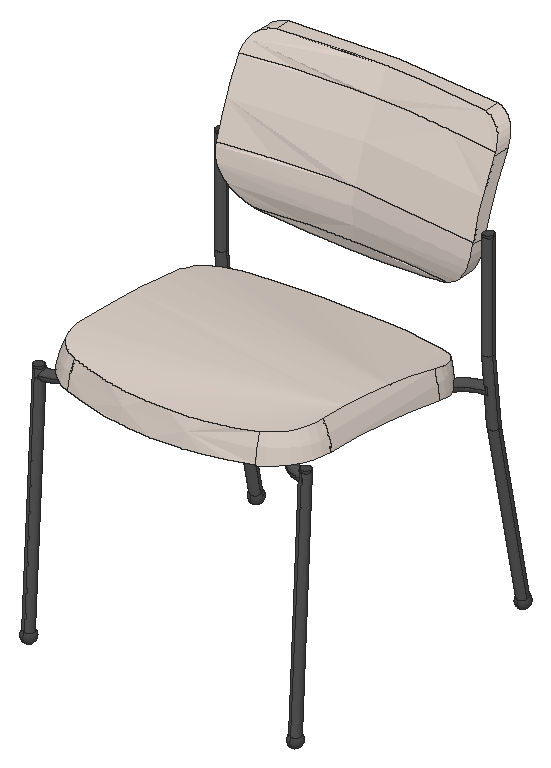
Revit family "Seating_Inc-EDU2_Guest", category Furniture, Revit 2014
Parameters (values of type "Q-3ES43-A")
  Width = 20 1/2"
  URL = "www.seatinginc.com"
  Type Comments = "Quick Configuration"  # constant formula
  Seat Finish = STI - Leather
  Salvage or Reuse = yes
  Plastic Finish = STI - Plastic Black
  Percentage of Recycled Content = 0
  Model = "Q-3ES43-A"
  Manufacturer = "Seating Inc"  # constant formula
  Low Emitting Material = yes
  Low Emitting Finish = yes
  Leg Finish = STI - Power Coat - Black
  Keynote = "12500"
  Height = 32"
  Glide Finish = STI - Plastic Black
  Description = "EDU2 Guest Guest Armless 20.5W x 24.5D x 32H"
  Depth = 24 1/2"
  Back Finish = STI - Leather
  Assembly Code = "E2020200"
  Arm V = no
  Arm Finish = STI - Plastic Black
Types (3): name | Width | Model | Height | Description | Depth | Arm V
  (no name) | 20 1/2" | "Q-3ES43-A" | 32" | "EDU2 Guest Guest Armless 20.5W x 24.5D x 32H" | 24 1/2" | no
  Q-3ES43-A | 20 1/2" | "Q-3ES43-A" | 32" | "EDU2 Guest Guest Armless 20.5W x 24.5D x 32H" | 24 1/2" | no
  Q-3ES44-B | 24 1/2" | "Q-3ES44-B" | 31 1/2" | "EDU2 Guest Guest with Arms  24.5W x 24.75D x 31.5H" | 23 3/4" | yes
Reference planes (in)
  plane 1 "Center Front/Back": y = 0
  plane 2: z = 0
  plane 3 "Center Left/Right": x = 0
Forms (in)
  Blend 1, solid, material "STI - Power Coat - Black" <- "Leg Finish"
    base sketch origin (-2.77027, -2.99565, 0.875) x (0, -1, 0) y (1, 0, 0)
      loop
        circle (4.82088, -6.97033) r 0.375
    top sketch origin (-2.77027, -2.99565, 0) x (0, -1, 0) y (1, 0, 0)
      loop
        circle (3.87848, -6.97033) r 0.375
    from -0.08475 to 17.6698
  Revolve 2, solid, material "STI - Plastic Black" <- "Glide Finish"
    sketch origin (-9.7406, 0, 0) x (0, 1, 0) y (0, 0, 1)
      loop
        line (-7.81653, 1) -> (-7.81653, 0)
        arc (-7.81653, 0) -> (-7.31653, 0.5) -> (-7.81653, 1) r 0.5
      axis (-7.81653, 1) -> (-7.81653, 0)
    angle from 0 to 360
  Blend 3, solid, material "STI - Power Coat - Black" <- "Leg Finish"
    base sketch origin (2.77027, -2.99565, 0.875) x (0, -1, 0) y (1, 0, 0)
      loop
        circle (4.82088, 6.97033) r 0.375
    top sketch origin (2.77027, -2.99565, 0) x (0, -1, 0) y (1, 0, 0)
      loop
        circle (3.87848, 6.97033) r 0.375
    from -0.08475 to 17.6698
  Revolve 4, solid, material "STI - Plastic Black" <- "Glide Finish"
    sketch origin (9.7406, 0, 0) x (0, 1, 0) y (0, 0, -1)
      loop
        arc (-7.81653, -1) -> (-7.31653, -0.5) -> (-7.81653, 0) r 0.5
        line (-7.81653, 0) -> (-7.81653, -1)
      axis (-7.81653, -1) -> (-7.81653, 0)
    angle from 0 to 360
  Sweep 5, solid, material "STI - Power Coat - Black" <- "Leg Finish"
    path origin (-9.741, -5.15274, -5.3246) x (0, 1, 0) y (0, 0, 1)
      loop
        line (14.92089, 31.06444) -> (14.92089, 23.37993)
        arc (14.92089, 23.37993) -> (15.05273, 20.85471) -> (15.44681, 18.35695) r 24.25
        line (15.44681, 18.35695) -> (18.10825, 5.78669)
    profile origin (-9.741, 9.76815, 21.89759) x (1, 0, 0) y (0, 1, 0)
      loop
        circle (0, 0) r 0.375
  Revolve 6, solid, material "STI - Plastic Black" <- "Glide Finish"
    sketch origin (-9.7406, 20.7731, 0) x (0, 1, 0) y (0, 0, 1)
      loop
        line (-7.81653, 1) -> (-7.81653, 0)
        arc (-7.81653, 0) -> (-7.31653, 0.5) -> (-7.81653, 1) r 0.5
      axis (-7.81653, 1) -> (-7.81653, 0)
    angle from 0 to 360
  Revolve 7, solid, material "STI - Plastic Black" <- "Glide Finish"
    sketch origin (9.7406, 20.7731, 0) x (0, 1, 0) y (0, 0, -1)
      loop
        arc (-7.81653, -1) -> (-7.31653, -0.5) -> (-7.81653, 0) r 0.5
        line (-7.81653, 0) -> (-7.81653, -1)
      axis (-7.81653, -1) -> (-7.81653, 0)
    angle from 0 to 360
  Sweep 8, solid, material "STI - Power Coat - Black" <- "Leg Finish"
    path origin (9.741, -5.15274, -5.3246) x (0, 1, 0) y (0, 0, -1)
      loop
        line (14.92089, -31.06444) -> (14.92089, -23.37993)
        arc (14.92089, -23.37993) -> (15.05273, -20.85471) -> (15.44681, -18.35695) r 24.25
        line (15.44681, -18.35695) -> (18.10825, -5.78669)
    profile origin (9.741, 9.76815, 21.89759) x (-1, 0, 0) y (0, -1, 0)
      loop
        circle (0, 0) r 0.375
  Sweep 9, solid, material "STI - Power Coat - Black" <- "Leg Finish"
    path origin (-1.875, -0.19224, 16.11549) x (1, 0, 0) y (0, 0.995453, -0.095252)
      loop
        arc (-7.88743, -6.7646) -> (-6.42845, -6.16027) -> (-5.82413, -4.7013) r 2.0633
        line (-5.82413, -4.7013) -> (-5.82413, 8.00964)
        arc (-5.82413, 8.00964) -> (-6.42845, 9.46861) -> (-7.88743, 10.07294) r 2.0633
    profile origin (-7.69913, 1.45441, 15.95793) x (-1, 0, 0) y (0, 0.095252, 0.995453)
      loop
        circle (0, 0.5) r 0.375
  Sweep 10, solid, material "STI - Power Coat - Black" <- "Leg Finish"
    path origin (1.875, -0.19224, 16.11549) x (-1, 0, 0) y (0, -0.995453, 0.095252)
      loop
        arc (-7.88743, 6.7646) -> (-6.42845, 6.16027) -> (-5.82413, 4.7013) r 2.0633
        line (-5.82413, 4.7013) -> (-5.82413, -8.00964)
        arc (-5.82413, -8.00964) -> (-6.42845, -9.46861) -> (-7.88743, -10.07294) r 2.0633
    profile origin (7.69913, 1.45441, 15.95793) x (-1, 0, 0) y (0, 0.095252, 0.995453)
      loop
        circle (0, 0.5) r 0.375
  Extrusion 11, solid, material "STI - Plastic Black" <- "Plastic Finish"
    sketch origin (0, 0, 0.46932) x (1, 0, 0) y (0, 1, 0)
      loop
        circle (-9.741, 9.76815) r 0.36147
    from 25.27053 to 25.42053
  Extrusion 12, solid, material "STI - Plastic Black" <- "Plastic Finish"
    sketch origin (0, -16.64228, -7.60073) x (1, 0, 0) y (0, 1, 0)
      loop
        circle (-9.741, 9.76815) r 0.36147
    from 25.27053 to 25.42053
  Extrusion 13, solid, material "STI - Plastic Black" <- "Plastic Finish"
    sketch origin (0, 0, 0.46932) x (-1, 0, 0) y (0, -1, 0)
      loop
        circle (-9.741, -9.76815) r 0.36147
    from 25.27053 to 25.42053
  Extrusion 14, solid, material "STI - Plastic Black" <- "Plastic Finish"
    sketch origin (0, -16.64228, -7.60073) x (-1, 0, 0) y (0, -1, 0)
      loop
        circle (-9.741, -9.76815) r 0.36147
    from 25.27053 to 25.42053
  Sweep 15, solid, material "STI - Leather" <- "Seat Finish"
    path origin (0, 0, -30.32893) x (1, 0, 0) y (0, 0, 1)
      loop
        arc (-10.52093, 48.8897) -> (0, 48.59123) -> (10.52093, 48.8897) r 185.5779
    profile origin (0, 0, 18.2623) x (0, 0, 1) y (0, -1, 0)
      loop
        line (0.71232, 10.02349) -> (-1.09956, 10.02349)
        arc (-1.09956, 10.02349) -> (-1.03554, -0.75142) -> (-3.16512, -11.31399) r 52.6816
        line (-3.16512, -11.31399) -> (-1.37216, -11.31399)
        arc (-1.37216, -11.31399) -> (0.95547, -0.77082) -> (0.71232, 10.02349) r 45.1318
  Sweep 16, void
    path origin (0, -37.49845, 0) x (1, 0, 0) y (0, 1, 0)
      loop
        arc (-6.51959, 45.19073) -> (-7.74255, 44.36235) -> (-8.2144, 42.96263) r 2.312
        line (-8.2144, 42.96263) -> (-8.2144, 33.19141)
        arc (-8.2144, 33.19141) -> (-7.74255, 31.79169) -> (-6.51959, 30.96331) r 2.312
        arc (-6.51959, 30.96331) -> (0, 30.07702) -> (6.51959, 30.96331) r 24.4224
        arc (6.51959, 30.96331) -> (7.74255, 31.79169) -> (8.2144, 33.19141) r 2.312
        line (8.2144, 33.19141) -> (8.2144, 42.96263)
        arc (8.2144, 42.96263) -> (7.74255, 44.36235) -> (6.51959, 45.19073) r 2.312
        arc (6.51959, 45.19073) -> (0, 46.07702) -> (-6.51959, 45.19073) r 24.4224
    profile origin (0, 8.57857, 0) x (0, 1, 0) y (0, 0, 1)
      loop
        arc (0.17619, 20.49211) -> (1.3109, 17.89976) -> (1.13126, 15.07566) r 6
        line (1.13126, 15.07566) -> (5.33119, 15.07566) -> (5.33119, 20.49211) -> (0.17619, 20.49211)
  Sweep 17, solid, material "STI - Leather" <- "Back Finish"
    path origin (-0.01974, -33.57846, 0) x (1, 0, 0) y (0, 1, 0)
      loop
        arc (-12.90868, 48.89825) -> (0, 50.33817) -> (12.90868, 48.89825) r 58.58239
    profile origin (-0.01974, 16.75971, 0) x (0, 1, 0) y (0, 0, 1)
      loop
        arc (-7.00193, 25.53477) -> (-7.21273, 23.67963) -> (-6.84308, 21.84952) r 6
        arc (-6.84308, 21.84952) -> (-6.2615, 20.56999) -> (-5.50447, 19.38578) r 9.89376
        line (-5.50447, 19.38578) -> (-4.78844, 19.50738)
        arc (-4.78844, 19.50738) -> (-5.3986, 20.7582) -> (-5.89021, 22.06018) r 14.99939
        arc (-5.89021, 22.06018) -> (-6.18404, 23.82616) -> (-5.94376, 25.60022) r 6
        arc (-5.94376, 25.60022) -> (-5.15319, 27.86044) -> (-4.13179, 30.02616) r 22.98681
        arc (-4.13179, 30.02616) -> (-3.37889, 31.37786) -> (-2.58473, 32.70573) r 50.23599
        line (-2.58473, 32.70573) -> (-3.53569, 32.89991)
        arc (-3.53569, 32.89991) -> (-4.30954, 31.7213) -> (-5.0128, 30.49925) r 23.98681
        arc (-5.0128, 30.49925) -> (-6.14616, 28.07262) -> (-7.00193, 25.53477) r 23.98681
  Extrusion 18, void
    sketch origin (41.98026, -34.875, 0) x (1, 0, 0) y (0, 0, 1)
      loop
        line (-34.36097, 32.13056) -> (-49.59955, 32.13056)
        arc (-49.59955, 32.13056) -> (-50.83699, 31.618) -> (-51.34955, 30.38056) r 1.75
        line (-51.34955, 30.38056) -> (-51.34955, 25.32925)
        arc (-51.34955, 25.32925) -> (-50.55968, 23.02705) -> (-48.52282, 21.69468) r 3.75
        arc (-48.52282, 21.69468) -> (-41.95851, 20.89019) -> (-35.40235, 21.75857) r 26.14486
        arc (-35.40235, 21.75857) -> (-33.38966, 23.09621) -> (-32.61097, 25.38397) r 3.75
        line (-32.61097, 25.38397) -> (-32.61097, 30.38056)
        arc (-32.61097, 30.38056) -> (-33.12353, 31.618) -> (-34.36097, 32.13056) r 1.75
      loop
        line (-55.12212, 34.38056) -> (-55.12212, 18.8198) -> (-28.26331, 18.8198) -> (-28.26331, 34.38056) -> (-55.12212, 34.38056)
    from -49.3795 to -43
Cuts and joins
  Sweep 16 cuts Sweep 15
  Extrusion 18 cuts Sweep 17
Lines and regions (in)
  symbolic lines
    curve 1: line (-9.55464, -4.30704, 0) -> (-9.61619, 5.46418, 0)
    curve 2: line (-6.88522, -7.85509, 0) -> (-9.55464, -4.30704, 0)
    curve 3: line (6.88522, -7.85509, 0) -> (-6.88522, -7.85509, 0)
    curve 4: line (9.55464, -4.30704, 0) -> (6.88522, -7.85509, 0)
    curve 5: line (9.61619, 5.46418, 0) -> (9.55464, -4.30704, 0)
    curve 8: line (-10.116, 9.76815, 0) -> (-10.116, 12.89888, 0)
    curve 9: arc (-10.116, 12.62992, 0) -> (-9.741, 13.45847, 0) -> (-9.366, 12.62992, 0) r 0.49914
    curve 12: line (10.116, 9.76815, 0) -> (10.116, 12.89888, 0)
    curve 13: arc (10.116, 12.62992, 0) -> (9.741, 13.45847, 0) -> (9.366, 12.62992, 0) r 0.49914
    curve 28: arc (-9.61619, 5.46418, 0) -> (-8.79196, 7.80161, 0) -> (-6.67748, 9.09463, 0) r 3.70063
    curve 29: arc (9.61619, 5.46418, 0) -> (8.79848, 7.79353, 0) -> (6.69779, 9.0903, 0) r 3.70063
    curve 30: line (-9.366, 12.95551, 0) -> (-9.366, 12.09862, 0)
    curve 31: line (9.366, 12.95551, 0) -> (9.366, 12.09862, 0)
    curve 32: line (-7.61929, 13.30279, 0) -> (-9.36929, 12.01425, 0)
    curve 33: arc (7.61929, 13.29733, 0) -> (0.00019, 13.82415, 0) -> (-7.61929, 13.30279, 0) r 55.64684
    curve 34: line (9.36929, 12.00738, 0) -> (7.61929, 13.29733, 0)
    curve 35: line (7.61929, 12.16999, 0) -> (9.36929, 10.91552, 0)
    curve 36: arc (-7.61929, 12.17556, 0) -> (0.0002, 12.7077, 0) -> (7.61929, 12.16999, 0) r 54.53039
    curve 37: line (-9.36929, 10.92253, 0) -> (-7.61929, 12.17556, 0)
    curve 38: line (-9.36929, 8.85585, 0) -> (-9.36929, 12.01425, 0)
    curve 39: line (9.36929, 12.00738, 0) -> (9.36929, 8.85585, 0)
    curve 40: arc (9.21737, 8.71981, 0) -> (9.32373, 8.75389, 0) -> (9.36929, 8.85585, 0) r 0.13687
    curve 41: arc (-9.24747, 8.71981, 0) -> (-9.33438, 8.76454, 0) -> (-9.36929, 8.85585, 0) r 0.13687
    curve 42: arc (-9.24747, 8.71981, 0) -> (-0.01505, 9.56675, 0) -> (9.21737, 8.71981, 0) r 50.7443
  symbolic lines, style "FurnitureHiddenLines"
    curve 6: arc (-10.116, 9.76815, 0) -> (-9.92443, 9.44108, 0) -> (-9.54545, 9.44818, 0) r 0.375
    curve 7: arc (-9.56548, 9.43677, 0) -> (-9.5476, 10.08944, 0) -> (-10.116, 9.76815, 0) r 0.375
    curve 10: arc (10.116, 9.76815, 0) -> (9.92443, 9.44108, 0) -> (9.54545, 9.44818, 0) r 0.375
    curve 11: arc (9.54545, 9.44818, 0) -> (9.55757, 10.09523, 0) -> (10.116, 9.76815, 0) r 0.375
    curve 14: arc (-9.7406, -6.49913, 0) -> (-10.1156, -6.87413, 0) -> (-9.7406, -7.24913, 0) r 0.375
    curve 15: arc (-9.7406, -7.24913, 0) -> (-9.3656, -6.87413, 0) -> (-9.7406, -6.49913, 0) r 0.375
    curve 16: arc (9.7406, -7.24913, 0) -> (10.1156, -6.87413, 0) -> (9.7406, -6.49913, 0) r 0.375
    curve 17: arc (9.7406, -6.49913, 0) -> (9.3656, -6.87413, 0) -> (9.7406, -7.24913, 0) r 0.375
  symbolic lines, style "Furniture"
    curve 18: arc (9.3656, -7.48437, 0) -> (9.73843, -8.31797, 0) -> (10.1156, -7.48632, 0) r 0.50076
    curve 19: line (9.3656, -7.22148, 0) -> (9.3656, -7.81318, 0)
    curve 20: line (10.1156, -6.87413, 0) -> (10.1156, -7.81318, 0)
    curve 21: arc (-9.3656, -7.48437, 0) -> (-9.73843, -8.31797, 0) -> (-10.1156, -7.48632, 0) r 0.50076
    curve 22: line (-9.3656, -7.22148, 0) -> (-9.3656, -7.81318, 0)
    curve 23: line (-10.1156, -6.87413, 0) -> (-10.1156, -7.81318, 0)
    curve 24: arc (9.62771, -7.24891, 0) -> (9.08114, -7.15817, 0) -> (8.56953, -6.94549, 0) r 2.41988
    curve 25: arc (9.77204, -6.50045, 0) -> (9.39031, -6.46295, 0) -> (9.02834, -6.33609, 0) r 1.60766
    curve 26: arc (-9.62771, -7.24891, 0) -> (-9.08114, -7.15817, 0) -> (-8.56953, -6.94549, 0) r 2.41988
    curve 27: arc (-9.77204, -6.50045, 0) -> (-9.39031, -6.46295, 0) -> (-9.02834, -6.33609, 0) r 1.60766
Dimensions and locks (in)
  aligned and locked: level to plane 2
Nested families (in)
  nested 1: "Arm" at (0, 0, 0), Arm Finish <- "Arm Finish", Arm V <- "Arm V", type "Arm"
    with Arm V no, Arm Finish STI - Plastic Black
